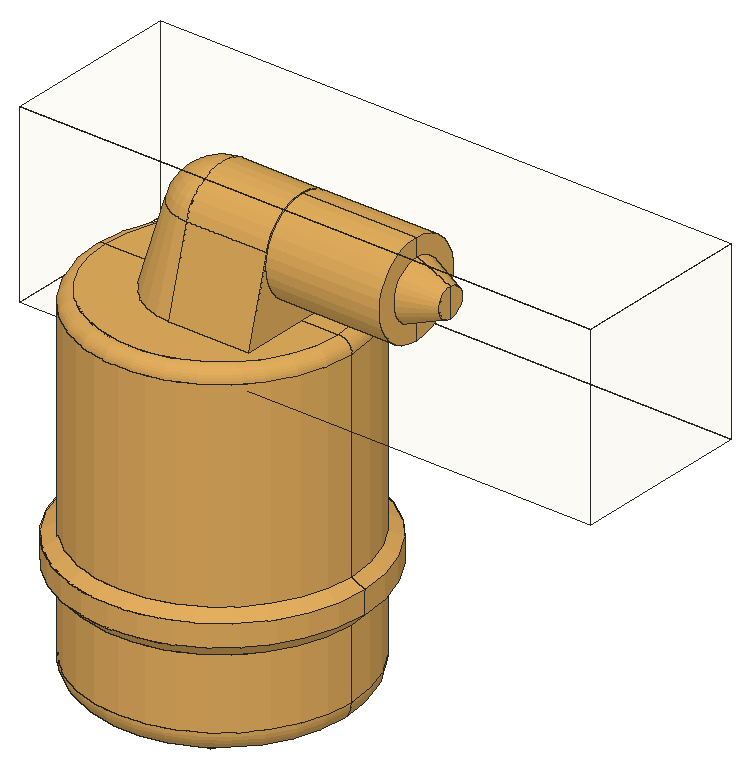
Revit family "Air-Separator_SpiroTop AB thread_Spirotech", category Pipe Accessories, Revit 2014
Parameters (values of type "AB050/R002_DN15")
  using_DN = 1 = 1  # yes
  type_index = 4
  slb = size_lookup("SpiroTop", "slb", 0.00 mm, (type_index * 1.00 mm))  # 7.00 mm
  slw = size_lookup("SpiroTop", "slw", 0.00 mm, (type_index * 1.00 mm))  # 12.00 mm
  ring = 1 = 0  # no
  region_index = 1
  r = d / 2  # 6.35 mm
  product_index = size_lookup("SpiroTop", "product_index", 0, (type_index * 1.00 mm))  # 4
  material_2 = Spirotech_Steel_RAL1004
  knelkoppeling = or(type_index = 1, type_index = 7)  # no
  kernbuis_D65 = 1 = 1  # yes
  item_description = if(region_index = 1, desc_wuk, if(region_index = 2, desc_wnl, "0"))  # "SpiroTop Air Vent Stainless steel 1/2'' (180°C)"
  draadaansluiting = 1 = 1  # yes
  desc_wuk = if(product_index = 6, "SpiroTop Air Vent Stainless Steel 1/2'' (200°C / 25 bar)", if(product_index = 5, "SpiroTop Air Vent Stainless steel 1/2'' (180°C)", if(product_index = 4, "SpiroTop Air Vent Stainless steel 1/2'' (180°C)", if(product_index = 3, "SpiroTop Air Vent 1/2'' (150°C / 25 bar)", if(product_index = 2, "SpiroTop Air Vent 1/2'' (16 bar)", if(product_index = 1, "SpiroTop Air Vent 1/2''", ""))))))  # "SpiroTop Air Vent Stainless steel 1/2'' (180°C)"
  desc_wnl = if(product_index = 6, "SpiroTop Air Vent Stainless Steel 1/2'' (200°C / 25 bar)", if(product_index = 5, "SpiroTop Air Vent Stainless steel 1/2'' (180°C)", if(product_index = 4, "SpiroTop Air Vent Stainless steel 1/2'' (180°C)", if(product_index = 3, "SpiroTop Air Vent 1/2'' (150°C / 25 bar)", if(product_index = 2, "SpiroTop Air Vent 1/2'' (16 bar)", if(product_index = 1, "SpiroTop Air Vent 1/2''", ""))))))  # "SpiroTop Air Vent Stainless steel 1/2'' (180°C)"
  d = size_lookup("SpiroTop", "d", 0.00 mm, (type_index * 1.00 mm))  # 12.70 mm
  connector_DO = d  # 12.70 mm
  connector_DN = size_lookup("SpiroTop", "DN", 0.00 mm, (type_index * 1.00 mm))  # 15.00 mm
  URL = "https://www.spirotech.com/en/products/spirotop-automatic-air-vents/"
  RS_P_c01_flow [instance] = 0.0 L/s
  NLRS_P_c01_aansluitmethode = "Threaded"  # constant formula
  connection_diameter2 = if(using_DN, connector_DN, connector_DO)  # 15.00 mm
  connection_diameter1 = if(using_DN, connector_DN, connector_DO)  # 15.00 mm
  connection_diameter = if(using_DN, connector_DN, connector_DO)  # 15.00 mm
  catalog_code = if(region_index = 1, artnr_wuk, if(region_index = 2, artnr_wnl, "0"))  # "AB050/R002"
  artnr_wuk = if(product_index = 1, "AB050", if(product_index = 2, "AB050/030", if(product_index = 3, "AB050/025", if(product_index = 4, "AB050/R002", if(product_index = 5, "AB050/R007", if(product_index = 6, "AB050/R004", ""))))))  # "AB050/R002"
  artnr_wnl = if(product_index = 1, "AB050", if(product_index = 2, "AB050/030", if(product_index = 3, "AB050/025", if(product_index = 4, "AB050/R002", if(product_index = 5, "AB050/R007", if(product_index = 6, "AB050/R004", ""))))))  # "AB050/R002"
  Type Comments = ""
  NominalLength = 52.00 mm  # constant formula
  NominalHeight = H1_2  # 112.00 mm
  NominalDepth = D_2  # 65.00 mm
  Model = "SpiroTop AB"  # constant formula
  Manufacturers Telephone Number = "0208-4513344"  # constant formula
  Manufacturers Email = "info@spirotech.co.uk"  # constant formula
  Manufacturers Address = "One Cranmore Drive, Shirley Solihull, B90 4RZ"  # constant formula
  Manufacturer = "Spirotech"  # constant formula
  Loss Method = Not Defined
  IfcExportType = "WATERFILTER"  # constant formula
  IfcExportAs = "ifcFilterType"  # constant formula
  IfcDescription = Description  # "SpiroTop Stainless Steel fix connection high temperature"
  H1_2 = size_lookup("SpiroTop", "H", 0.00 mm, (type_index * 1.00 mm))  # 112.00 mm
  DocumentationTechnical = "https://www.spirotech.co.uk/products/spirotop-automatic-air-vents-brass/"
  DocumentationLiterature = "https://www.spirotech.co.uk/products/spirotop-automatic-air-vents-brass/"
  DocumentationInstallationGuide = "https://www.spirotech.co.uk/products/spirotop-automatic-air-vents-brass/"
  DocumentationCertificates = "https://www.spirotech.co.uk/products/spirotop-automatic-air-vents-brass/"
  Description = if(product_index = 6, "SpiroTop Stainless Steel fix connection high temperature and high pressure", if(product_index = 5, "SpiroTop Stainless Steel fix connection high temperature", if(product_index = 4, "SpiroTop Stainless Steel fix connection high temperature", if(product_index = 3, "SpiroTop Brass fix connection high temperature and high pressure", if(product_index = 2, "SpiroTop Brass fix connection high pressure", if(product_index = 1, "SpiroTop Brass fix connection", ""))))))  # "SpiroTop Stainless Steel fix connection high temperature"
  D_2 = size_lookup("SpiroTop", "D", 0.00 mm, (type_index * 1.00 mm))  # 65.00 mm
  DN = size_lookup("SpiroTop", "DN", 0.00 mm, (type_index * 1.00 mm))  # 15.00 mm
  Cost = 0
  ClassificationValue = "Pr_65_54_93_05"  # constant formula
  ClassificationName = "Uniclass2015"  # constant formula
  Clash zones = yes
  COBie.Type.WarrantyGuarantorParts = "info@spirotech.co.uk"  # constant formula
  COBie.Type.WarrantyGuarantorLabor = "info@spirotech.co.uk"  # constant formula
  COBie.Type.WarrantyDurationUnit = "Year"  # constant formula
  COBie.Type.WarrantyDurationParts = if(or(type_index = 1, type_index = 2), "20", "5")  # "5"
  COBie.Type.WarrantyDurationLabor = if(or(type_index = 1, type_index = 2), "20", "5")  # "5"
  COBie.Type.WarrantyDescription = if(or(type_index = 1, type_index = 2), "On all standard Spirotech Brass products with operational temperatures up to 110°C", "On steel products and on brass products with operational temperatures in excess of 110°C")  # "On steel products and on brass products with operational temperatures in excess of 110°C"
  COBie.Type.SustainabilityPerformance = ""
  COBie.Type.Size = "DN15"  # constant formula
  COBie.Type.Shape = "Cylinder"  # constant formula
  COBie.Type.ReplacementCost = 0
  COBie.Type.NominalWidth = D_2  # 65.00 mm
  COBie.Type.NominalLength = 52.00 mm  # constant formula
  COBie.Type.NominalHeight = H1_2  # 112.00 mm
  COBie.Type.Name = Model  # "SpiroTop AB"
  COBie.Type.ModelReference = item_description  # "SpiroTop Air Vent Stainless steel 1/2'' (180°C)"
  COBie.Type.ModelNumber = catalog_code  # "AB050/R002"
  COBie.Type.Material = if(or(type_index = 1, type_index = 2, type_index = 3), "Brass", "Stainless Steel")  # "Stainless Steel"
  COBie.Type.Manufacturer = "SPIROTECH"  # constant formula
  COBie.Type.Length = 52.00 mm  # constant formula
  COBie.Type.Grade = "3"  # constant formula
  COBie.Type.Finish = "Matt"  # constant formula
  COBie.Type.Features = "automatic air vents"  # constant formula
  COBie.Type.ExpectedLife = ""
  COBie.Type.DurationUnit = "Years"  # constant formula
  COBie.Type.Description = Description  # "SpiroTop Stainless Steel fix connection high temperature"
  COBie.Type.CreatedOn = "Dec. 2016"  # constant formula
  COBie.Type.CreatedBy = "info@spirotech.co.uk"  # constant formula
  COBie.Type.Constituents = "Spirotech air vent"  # constant formula
  COBie.Type.Color = if(or(type_index = 1, type_index = 2, type_index = 3), "Brass", "Stainless Steel")  # "Stainless Steel"
  COBie.Type.CodePerformance = "n/a"  # constant formula
  COBie.Type.Category = "Pipe Accessories"  # constant formula
  COBie.Type.AssetType = "Fixed"  # constant formula
  COBie.Type.Area = COBie.Type.NominalLength * COBie.Type.NominalWidth  # 0.00338 m²
  COBie.Type.AccessibilityPerformance = "n/a"
Types (6, lengths in mm): name | type_index | product_index | material_2 | knelkoppeling | item_description | desc_wuk | desc_wnl | URL | catalog_code | artnr_wuk | artnr_wnl | NominalHeight | IfcDescription | H1_2 | Description | COBie.Type.WarrantyDurationParts | COBie.Type.WarrantyDurationLabor | COBie.Type.WarrantyDescription | COBie.Type.NominalHeight | COBie.Type.ModelReference | COBie.Type.ModelNumber | COBie.Type.Material | COBie.Type.Description | COBie.Type.Color
  AB050_DN15 | 1 | 1 | Spirotech_Brass | yes | "SpiroTop Air Vent 1/2''" | "SpiroTop Air Vent 1/2''" | "SpiroTop Air Vent 1/2''" | "https://www.spirotech.com/en/products/spirotop-automatic-air-vents-brass/" | "AB050" | "AB050" | "AB050" | 112.00 | "SpiroTop Brass fix connection" | 112.00 | "SpiroTop Brass fix connection" | "20" | "20" | "On all standard Spirotech Brass products with operational temperatures up to 110°C" | 112.00 | "SpiroTop Air Vent 1/2''" | "AB050" | "Brass" | "SpiroTop Brass fix connection" | "Brass"
  AB050/030_DN15 | 2 | 2 | Spirotech_Brass | no | "SpiroTop Air Vent 1/2'' (16 bar)" | "SpiroTop Air Vent 1/2'' (16 bar)" | "SpiroTop Air Vent 1/2'' (16 bar)" | "https://www.spirotech.com/en/products/spirotop-automatic-air-vents-brass/" | "AB050/030" | "AB050/030" | "AB050/030" | 134.00 | "SpiroTop Brass fix connection high pressure" | 134.00 | "SpiroTop Brass fix connection high pressure" | "20" | "20" | "On all standard Spirotech Brass products with operational temperatures up to 110°C" | 134.00 | "SpiroTop Air Vent 1/2'' (16 bar)" | "AB050/030" | "Brass" | "SpiroTop Brass fix connection high pressure" | "Brass"
  AB050/025_DN15 | 3 | 3 | Spirotech_Brass | no | "SpiroTop Air Vent 1/2'' (150°C / 25 bar)" | "SpiroTop Air Vent 1/2'' (150°C / 25 bar)" | "SpiroTop Air Vent 1/2'' (150°C / 25 bar)" | "https://www.spirotech.com/en/products/spirotop-automatic-air-vents-brass/" | "AB050/025" | "AB050/025" | "AB050/025" | 134.00 | "SpiroTop Brass fix connection high temperature and high pressure" | 134.00 | "SpiroTop Brass fix connection high temperature and high pressure" | "5" | "5" | "On steel products and on brass products with operational temperatures in excess of 110°C" | 134.00 | "SpiroTop Air Vent 1/2'' (150°C / 25 bar)" | "AB050/025" | "Brass" | "SpiroTop Brass fix connection high temperature and high pressure" | "Brass"
  AB050/R002_DN15 | 4 | 4 | Spirotech_Steel_RAL1004 | no | "SpiroTop Air Vent Stainless steel 1/2'' (180°C)" | "SpiroTop Air Vent Stainless steel 1/2'' (180°C)" | "SpiroTop Air Vent Stainless steel 1/2'' (180°C)" | "https://www.spirotech.com/en/products/spirotop-automatic-air-vents/" | "AB050/R002" | "AB050/R002" | "AB050/R002" | 112.00 | "SpiroTop Stainless Steel fix connection high temperature" | 112.00 | "SpiroTop Stainless Steel fix connection high temperature" | "5" | "5" | "On steel products and on brass products with operational temperatures in excess of 110°C" | 112.00 | "SpiroTop Air Vent Stainless steel 1/2'' (180°C)" | "AB050/R002" | "Stainless Steel" | "SpiroTop Stainless Steel fix connection high temperature" | "Stainless Steel"
  AB050/R007_DN15 | 5 | 5 | Spirotech_Steel_RAL1004 | no | "SpiroTop Air Vent Stainless steel 1/2'' (180°C)" | "SpiroTop Air Vent Stainless steel 1/2'' (180°C)" | "SpiroTop Air Vent Stainless steel 1/2'' (180°C)" | "https://www.spirotech.com/en/products/spirotop-automatic-air-vents/" | "AB050/R007" | "AB050/R007" | "AB050/R007" | 112.00 | "SpiroTop Stainless Steel fix connection high temperature" | 112.00 | "SpiroTop Stainless Steel fix connection high temperature" | "5" | "5" | "On steel products and on brass products with operational temperatures in excess of 110°C" | 112.00 | "SpiroTop Air Vent Stainless steel 1/2'' (180°C)" | "AB050/R007" | "Stainless Steel" | "SpiroTop Stainless Steel fix connection high temperature" | "Stainless Steel"
  AB050/R004_DN15 | 6 | 6 | Spirotech_Steel_RAL1004 | no | "SpiroTop Air Vent Stainless Steel 1/2'' (200°C / 25 bar)" | "SpiroTop Air Vent Stainless Steel 1/2'' (200°C / 25 bar)" | "SpiroTop Air Vent Stainless Steel 1/2'' (200°C / 25 bar)" | "https://www.spirotech.com/en/products/spirotop-automatic-air-vents/" | "AB050/R004" | "AB050/R004" | "AB050/R004" | 112.00 | "SpiroTop Stainless Steel fix connection high temperature and high pressure" | 112.00 | "SpiroTop Stainless Steel fix connection high temperature and high pressure" | "5" | "5" | "On steel products and on brass products with operational temperatures in excess of 110°C" | 112.00 | "SpiroTop Air Vent Stainless Steel 1/2'' (200°C / 25 bar)" | "AB050/R004" | "Stainless Steel" | "SpiroTop Stainless Steel fix connection high temperature and high pressure" | "Stainless Steel"
Reference planes
  plane 1 "Center (Front/Back)": y = 0
  plane 2: z = 0
  plane 3 "Center (Left/Right)": x = 0
  plane 4 "Hv boven": z = 112
  plane 5: z = 36
  plane 6: z = 31
  plane 7: x = -32.5
  plane 8: x = 32.5
  plane 9: x = -29.5
  plane 10: x = 29.5
  plane 11: z = 28
  plane 12: z = 7
Forms (mm)
  Revolve 1, solid, material "Spirotech_Steel_RAL1004" <- "material_2", visible <- "kernbuis_D65"
    sketch origin (-78, 0, 0) x (1, 0, 0) y (0, 0, 1)
      loop
        arc (48.5, 12) -> (49.964, 8.464) -> (53.5, 7) r 5
        line (53.5, 7) -> (78, 7) -> (78, 36) -> (45.5, 36) -> (45.5, 31) -> (48.5, 27.934) -> (48.5, 12)
      axis (78, 36) -> (78, 7)
    angle from 0 to 360
  Extrusion 2, solid, visible <- "Clash zones", detail levels medium+fine
    sketch origin (0, 0, 0) x (0, 1, 0) y (0, 0, 1)
      loop
        line (20, 121.5) -> (-20, 121.5) -> (-20, 81.5) -> (20, 81.5) -> (20, 121.5)
    from -30 to 100
Lines and regions (mm)
  reference lines
    curve 1: line (0, 0, 0) -> (-32.5, 0, 0)
    curve 2: line (0, 0, 0) -> (32.5, 0, 0)
    curve 3: line (0, 0, 112) -> (0, 0, 0)
Dimensions and locks
  locked: plane 4 "Hv boven" to plane 5 at 76
  locked: plane 5 to plane 6 at 5
  equal spacing: plane 8, plane 3 "Center (Left/Right)", plane 7
  "D_2": plane 8 to plane 7
  locked: plane 9 to plane 7 at 3
  locked: plane 8 to plane 10 at 3
  locked: plane 6 to plane 11 at 3
  Extrusion 2 sketch curve to plane 1 "Center (Front/Back)" to Extrusion 2 sketch curve = 20.00 mm, 20.00 mm
  Extrusion 2 sketch curve to nested 1 to Extrusion 2 sketch curve = 20.00 mm, 20.00 mm
  Extrusion 2 to plane 3 "Center (Left/Right)" = 100.00 mm
  "slb": plane 12 to level
  "H1_2": plane 4 "Hv boven" to level
  aligned and locked: level to plane 2
  aligned and locked: plane 3 "Center (Left/Right)" to Revolve 1 sketch curve
  aligned and locked: Revolve 1 sketch curve to plane 5
  aligned and locked: plane 7 to Revolve 1 sketch curve
  aligned and locked: plane 9 to Revolve 1 sketch curve
  aligned and locked: plane 3 "Center (Left/Right)" to nested 1
  aligned and locked: plane 1 "Center (Front/Back)" to nested 1
  aligned and locked: plane 5 to nested 1
  aligned and locked: plane 4 "Hv boven" to curve 3
  aligned and locked: curve 3 to plane 3 "Center (Left/Right)"
  aligned and locked: nested 2 to level
  aligned and locked: level to curve 3
  aligned and locked: plane 12 to Revolve 1 sketch curve
Automatic sketch dimensions
  Revolve 1 sketch curve to plane 6 = 0.00 mm
  Revolve 1 sketch curve to plane 7 = 0.00 mm
  Revolve 1 sketch curve to level = 0.00 mm
  Revolve 1 sketch curve to plane 3 "Center (Left/Right)" = 0.00 mm
  Revolve 1 sketch curve to Revolve 1 sketch curve = 5.00 mm
  Revolve 1 sketch curve to plane 11 = 0.066 mm
  Revolve 1 sketch curve to Revolve 1 sketch curve = 30.718 mm
  curve 1 to plane 7 = 0.00 mm
  curve 2 to plane 8 = 0.00 mm
Nested families
  nested 1: "Release" at (0, 0, 36), material <- "material_2", type "std"
    with material Spirotech_Steel_RAL1004
  nested 2: "FT connection" at (0, 0, 7), slb <- "slb", slw <- "slw", r <- "r", ring <- "ring", material_2 <- "material_2", type "std"
    with slw 12.00 mm, slb 7.00 mm, ring no, r 6.35 mm, material_2 Spirotech_Steel_RAL1004, doorlaat 3.35 mm
Connectors
  piping at (0, 0, 0), diameter 15, driven by "RS_P_c01_flow", driven by "connection_diameter1"
    settings: on curve 3, index 1, connector inside diameter 609.6 mm, connector length 0.00 mm, flow factor 0, pipe flow 0.0 L/s, pressure drop 0.0 Pa, fitting loss kfactor 0, connector angle 0.00°, fixture units 0, engagement length 0.00 mm, angle of deflection 0.00°, flow configuration 0, flow direction 0, fitting loss method 0, system type 28, joint type 0, gender type 0, connector reference index -1, connector utility 0, adjustable connector no, is connector primary yes, connector description "inlet"
Definition of nested family "Release"
  Parameters (values of type "std")
    material [instance] = none
    Type Comments = ""
    Model = ""
    Manufacturer = ""
    Description = ""
  Reference planes
    plane 1 "Center (Front/Back)": y = 0
    plane 2: z = 0
    plane 3 "Center (Left/Right)": x = 0
    plane 4 "M": x = 52
    plane 5 "Hv boven": z = 76
    plane 6 "2": z = 65.5
    plane 7 "1": z = 50
    plane 8: x = -32.5
    plane 9: x = 32.5
    plane 10: x = -29.5
    plane 11: x = 29.5
  Forms (mm)
    Revolve 1, solid, material <- "material"
      sketch origin (-78, 0, -57) x (1, 0, 0) y (0, 0, 1)
        loop
          line (130, 122.5) -> (130, 125.789) -> (122.228, 129.05) -> (122.228, 133) -> (96.174, 133) -> (96.174, 122.5) -> (130, 122.5)
        axis (130, 122.5) -> (96.174, 122.5)
      angle from 0 to 360
    Extrusion 2, solid, material <- "material"
      sketch origin (41, 0, -57) x (0, 0, 1) y (0, -1, 0)
        loop
          arc (125.258, -10.129) -> (132.998, 0) -> (125.258, 10.129) r 10.498
          line (125.258, 10.129) -> (107, 15.1) -> (107, -15.1) -> (125.258, -10.129)
      from -41 to -22.826
    Revolve 3, solid, material <- "material"
      sketch origin (-78, 0, -287) x (1, 0, 0) y (0, 0, 1)
        loop
          line (48.5, 288.732) -> (45.5, 287) -> (78, 287) -> (78, 337) -> (51.5, 337)
          arc (51.5, 337) -> (49.379, 336.121) -> (48.5, 334) r 3
          line (48.5, 334) -> (48.5, 288.732)
        axis (78, 337) -> (78, 287)
      angle from 0 to 360
    Revolve 4, solid, material <- "material"
      sketch origin (0, 0, -57) x (0, 1, 0) y (0, 0, 1)
        loop
          line (-10.129, 125.258) -> (-15.1, 107) -> (0, 107) -> (0, 132.998)
          arc (0, 132.998) -> (-6.374, 130.841) -> (-10.129, 125.258) r 10.498
        axis (0, 132.998) -> (0, 107)
      angle from 0 to 180
  Cuts and joins
    joined: Extrusion 2, Revolve 4
  Dimensions and locks
    locked: plane 4 "M" to plane 3 "Center (Left/Right)" at 52
    locked: plane 5 "Hv boven" to plane 6 "2" at 10.5
    locked: plane 5 "Hv boven" to plane 7 "1" at 26
    locked: Revolve 1 sketch curve to plane 4 "M" at 7.772
    equal spacing: plane 9, plane 3 "Center (Left/Right)", plane 8
    plane 9 to plane 8 = 65.00 mm
    locked: plane 10 to plane 8 at 3
    locked: plane 9 to plane 11 at 3
    aligned and locked: level to plane 2
    aligned and locked: Revolve 3 sketch curve to Revolve 3 sketch curve
    aligned and locked: Extrusion 2 to plane 3 "Center (Left/Right)"
    aligned and locked: Revolve 1 sketch curve to plane 4 "M"
    aligned and locked: plane 10 to Revolve 3 sketch curve
    aligned and locked: level to Revolve 3 sketch curve
  Automatic sketch dimensions
    Extrusion 2 sketch curve to plane 7 "1" = 0.00 mm
    Extrusion 2 sketch curve to plane 1 "Center (Front/Back)" = 0.00 mm
    plane 6 "2" to Extrusion 2 sketch curve = 0.00 mm
    Extrusion 2 sketch curve to plane 6 "2" = 2.758 mm  (x2)
    Extrusion 2 sketch curve to plane 1 "Center (Front/Back)" = 10.129 mm
    Extrusion 2 sketch curve to plane 1 "Center (Front/Back)" = 15.10 mm
    plane 1 "Center (Front/Back)" to Extrusion 2 sketch curve = 15.10 mm
    Revolve 4 sketch curve to plane 7 "1" = 0.00 mm
    Revolve 4 sketch curve to plane 1 "Center (Front/Back)" = 0.00 mm  (x2)
    plane 6 "2" to Revolve 4 sketch curve = 0.00 mm
    Revolve 4 sketch curve to plane 6 "2" = 2.758 mm
    plane 1 "Center (Front/Back)" to Revolve 4 sketch curve = 10.129 mm
    plane 1 "Center (Front/Back)" to Revolve 4 sketch curve = 15.10 mm
    Revolve 4 sketch curve to Revolve 4 sketch curve = 10.463 mm
    plane 5 "Hv boven" to Revolve 4 sketch curve = 8.537 mm
    Revolve 1 sketch curve to plane 6 "2" = 0.00 mm  (x2)
    Revolve 1 sketch curve to plane 5 "Hv boven" = 0.00 mm
    Revolve 1 sketch curve to plane 11 = 11.326 mm
    Revolve 1 sketch curve to Revolve 1 sketch curve = 3.289 mm
    Revolve 1 sketch curve to plane 5 "Hv boven" = 3.95 mm
    Revolve 1 sketch curve to Revolve 1 sketch curve = 2.941 mm
    Revolve 1 sketch curve to Revolve 1 sketch curve = 0.228 mm
    Revolve 3 sketch curve to plane 8 = 0.00 mm
    Revolve 3 sketch curve to plane 7 "1" = 0.00 mm
    Revolve 3 sketch curve to plane 3 "Center (Left/Right)" = 0.00 mm
    plane 10 to Revolve 3 sketch curve = 3.00 mm
    level to Revolve 3 sketch curve = 1.732 mm
    Revolve 3 sketch curve to level = 27.00 mm
    plane 5 "Hv boven" to Revolve 3 sketch curve = 52.00 mm
Definition of nested family "FT connection"
  Parameters (values of type "std")
    slb [instance] = 27.20 mm
    slw [instance] = 34.00 mm
    ring [instance] = yes
    r [instance] = 26.154 mm
    material_2 [instance] = none
    doorlaat [instance] = r - 3.00 mm  # 23.154 mm
  Reference planes
    plane 1 "Center (Front/Back)": y = 0
    plane 2: z = 0
    plane 3 "Center (Left/Right)": x = 0
    plane 4: through (0, 0, 0) normal (0, 0.866, -0.5)
    plane 5: through (0, 0, 0) normal (0, 0.866, 0.5)
    plane 6: z = -27.2
    plane 7: through (0, 0, 1200) normal (-0.866, 0.5, 0)
    plane 8: through (0, 0, 1200) normal (0.866, 0.5, 0)
  Forms (mm)
    Extrusion 1, solid, material <- "material_2"
      sketch origin (0, 0, 0) x (1, 0, 0) y (0, 1, 0)
        loop
          circle (0, 0) r 26.154
      from 0 to -27.2
    Extrusion 2, solid, material <- "material_2"
      sketch origin (0, 0, 0) x (1, 0, 0) y (0, 1, 0)
        loop
          circle (0, 0) r 23.154
        loop
          circle (0, 0) r 26.154
      from -2 to 0
    Extrusion 3, solid, material <- "material_2", detail levels fine
      sketch origin (0, 0, 0) x (1, 0, 0) y (0, 1, 0)
        loop
          line (-19.63, -34) -> (19.63, -34) -> (39.26, 0) -> (19.63, 34) -> (-19.63, 34) -> (-39.26, 0) -> (-19.63, -34)
        loop
          circle (0, 0) r 26.154
      from -27.2 to 0
  Dimensions and locks
    "slb": level to plane 6
    "slw": Extrusion 3 sketch curve to plane 1 "Center (Front/Back)"
    "slw": plane 1 "Center (Front/Back)" to Extrusion 3 sketch curve
    "slw": plane 7 to Extrusion 3 sketch curve  (x2)
    "slw": plane 8 to Extrusion 3 sketch curve
    "slw": Extrusion 3 sketch curve to plane 8
    "r": radius of Extrusion 1 sketch curve
    "doorlaat": radius of Extrusion 2 sketch curve
    "r": radius of Extrusion 2 sketch curve
    "r": radius of Extrusion 3 sketch curve
    aligned and locked: level to plane 2
    aligned and locked: Extrusion 1 to plane 6
    aligned and locked: level to Extrusion 2
    aligned and locked: level to Extrusion 1
    aligned and locked: Extrusion 3 to plane 6
    aligned and locked: level to Extrusion 3
  Automatic sketch dimensions
    plane 1 "Center (Front/Back)" to Extrusion 1 sketch curve = 0.00 mm
    Extrusion 1 sketch curve to plane 3 "Center (Left/Right)" = 0.00 mm
    Extrusion 2 sketch curve to Extrusion 2 sketch curve = 0.00 mm  (x2)
    plane 1 "Center (Front/Back)" to Extrusion 2 sketch curve = 0.00 mm
    Extrusion 2 sketch curve to plane 3 "Center (Left/Right)" = 0.00 mm
    plane 1 "Center (Front/Back)" to Extrusion 3 sketch curve = 0.00 mm
    Extrusion 3 sketch curve to plane 3 "Center (Left/Right)" = 0.00 mm
